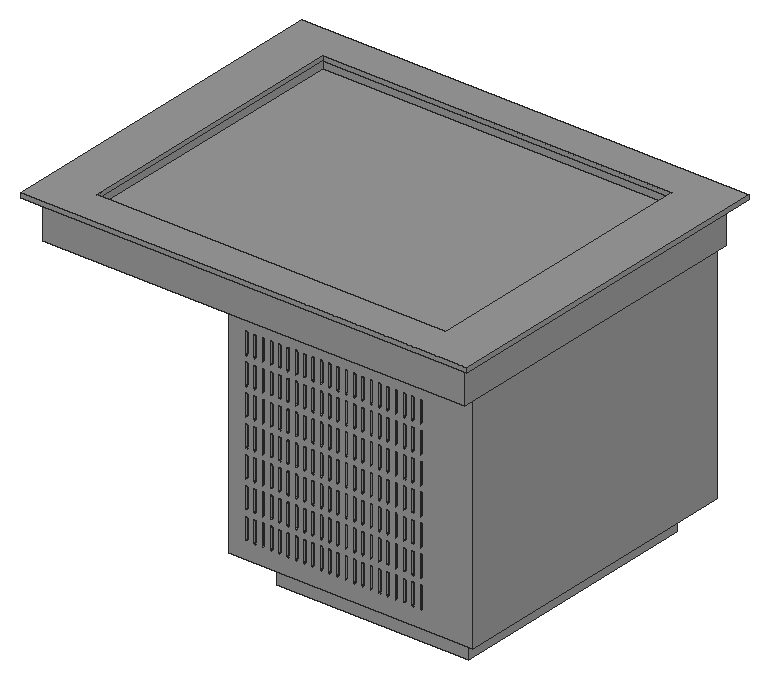
Revit family "Kühlplatte stille Kühlung GN1-1 - Eigen", category Sonderausstattung, Revit 2015
Parameters (values of type "2xGN1-1")
  Watt = 500 W
  Wand vorne Stärke = 40 mm  # constant formula
  Wand hinten Stärke = 40 mm  # constant formula
  Tiefe ohne Rahmen = Tiefe - 2 mm * 22.5  # 590 mm
  Tiefe = 635 mm  # constant formula
  Temp. Bereich = "-10°C bis 0°C"
  Spannung = 230 V
  Scheinleistung = 0 VA
  Rand Stärke = 8.5 mm  # constant formula
  Rand Breite vorne = 62.5 mm  # constant formula
  Rand Breite seitlich = 87.5 mm  # constant formula
  Rand Breite hinten = 62.5 mm  # constant formula
  Pole = 1
  Material = Edelstahl AISI 304
  Kältemittel = "R404a"
  Kälteleistung = "1050 W / -10°C VT"
  Kapazität = "2 x GN 1/1, Tiefe 20 mm"
  Installationshöhe [instance] = 750 mm
  Höhe Wanne = 80 mm  # constant formula
  Höhe Unterbau = 50 mm  # constant formula
  Höhe Technikgehäuse = 400 mm  # constant formula
  Höhe = Höhe Wanne + Höhe Technikgehäuse + Höhe Unterbau  # 530 mm
  DN Tauwasserabfluß = 25.4 mm
  Breite ohne Rahmen = Breite - 2 mm * 22  # 761 mm
  Breite Technikgehäuse = 441 mm  # constant formula
  Wand Seiten Stärke = 65.5 mm  # constant formula
  Breite = 805 mm
  Boden Stärke = 60 mm  # constant formula
  Artikelnr. = "KPMS021100"
Types (4, lengths in mm): name | Kälteleistung | Kapazität | Breite ohne Rahmen | Breite | Artikelnr.
  2xGN1-1 | "1050 W / -10°C VT" | "2 x GN 1/1, Tiefe 20 mm" | 761 | 805 | "KPMS021100"
  3xGN1-1 | "1050 W / -10°C VT" | "3 x GN 1/1, Tiefe 20 mm" | 1091 | 1135 | "KPMS031100"
  4xGN1-1 | "1050 W / -10°C VT" | "4 x GN 1/1, Tiefe 20 mm" | 1411 | 1455 | "KPMS041100"
  5xGN1-1 | "1330 W / -10°C VT" | "5 x GN 1/1, Tiefe 20 mm" | 1736 | 1780 | "KPMS051100"
Reference planes
  plane 1 "Mitte (Vorne/Hinten)": y = 0
  plane 2: z = 0
  plane 3 "Mitte (Links/Rechts)": x = 0
  plane 4: y = -635
  plane 5: x = -805
  plane 6: z = 750
  plane 7: z = 670
  plane 8 "UK": z = 270
  plane 9: x = -463
  plane 10: x = -783
  plane 11: x = -22
  plane 12: y = -22.5
  plane 13: y = -612.5
  plane 14: y = -62.5
  plane 15: y = -572.5
  plane 16: x = -717.5
  plane 17: x = -87.5
  plane 18: z = 730
  plane 19: z = 741.5
  plane 20 "Technikgehäuse vorne": y = -592.5
  plane 21: y = -42.5
  plane 22: y = -62.5
  plane 23: y = -572.5
  plane 24 "Elektroanschluss": z = 270
  plane 25: y = -426
  plane 26 "Tauwasserabfluß": z = 270
  plane 27: y = -296
  plane 28: x = -265
  plane 29: x = -62
  plane 30: x = -717.5
  plane 31: x = -87.5
  plane 32: x = -82
  plane 33: x = -407.5
  plane 34: x = -62.5
  plane 35: y = -82.5
  plane 36: y = -552.5
  plane 37: z = 220
Forms (mm)
  Extrusion 1, solid, material "Edelstahl AISI 304" <- "Material", detail levels fine
    sketch origin (0, 0, 150) x (-1, 0, 0) y (0, -1, 0)
      loop
        line (22, 42.5) -> (463, 42.5) -> (463, 592.5) -> (22, 592.5) -> (22, 42.5)
    from 520 to 120
  Extrusion 2, solid, material "Edelstahl AISI 304" <- "Material", detail levels medium+fine
    sketch origin (0, 0, 150) x (-1, 0, 0) y (0, -1, 0)
      loop
        line (783, 22.5) -> (783, 612.5) -> (22, 612.5) -> (22, 22.5) -> (783, 22.5)
      loop
        line (87.5, 572.5) -> (87.5, 62.5) -> (717.5, 62.5) -> (717.5, 572.5) -> (87.5, 572.5)
    from 591.5 to 580
  Extrusion 3, solid, material "Edelstahl AISI 304" <- "Material", detail levels medium+fine
    sketch origin (0, 0, 150) x (-1, 0, 0) y (0, -1, 0)
      loop
        line (783, 22.5) -> (783, 612.5) -> (22, 612.5) -> (22, 22.5) -> (783, 22.5)
    from 580 to 520
  Extrusion 4, solid, material "Edelstahl AISI 304" <- "Material", detail levels fine
    sketch origin (0, 0, 150) x (-1, 0, 0) y (0, -1, 0)
      loop
        line (805, 0) -> (805, 635) -> (0, 635) -> (0, 0) -> (805, 0)
      loop
        line (717.5, 62.5) -> (717.5, 572.5) -> (87.5, 572.5) -> (87.5, 62.5) -> (717.5, 62.5)
    from 600 to 591.5
  Extrusion 5, solid, not visible
    sketch origin (0, 0, 270) x (0, -1, 0) y (1, 0, 0)
      loop
        circle (296, -265) r 20
    from 0 to 2
  Extrusion 6, solid, not visible
    sketch origin (0, 0, 270) x (0, -1, 0) y (1, 0, 0)
      loop
        circle (426, -62) r 20
    from 0 to 2
  Extrusion 7, void
    sketch origin (0.5, -592.5, 190) x (1, 0, 0) y (0, 0, 1)
      loop
        arc (-432.879, 412.5) -> (-430.379, 410) -> (-427.879, 412.5) r 2.5
        line (-427.879, 412.5) -> (-427.879, 447.5)
        arc (-427.879, 447.5) -> (-430.379, 450) -> (-432.879, 447.5) r 2.5
        line (-432.879, 447.5) -> (-432.879, 412.5)
      loop
        arc (-417.879, 412.5) -> (-415.379, 410) -> (-412.879, 412.5) r 2.5
        line (-412.879, 412.5) -> (-412.879, 447.5)
        arc (-412.879, 447.5) -> (-415.379, 450) -> (-417.879, 447.5) r 2.5
        line (-417.879, 447.5) -> (-417.879, 412.5)
      loop
        arc (-402.879, 412.5) -> (-400.379, 410) -> (-397.879, 412.5) r 2.5
        line (-397.879, 412.5) -> (-397.879, 447.5)
        arc (-397.879, 447.5) -> (-400.379, 450) -> (-402.879, 447.5) r 2.5
        line (-402.879, 447.5) -> (-402.879, 412.5)
      loop
        arc (-387.879, 412.5) -> (-385.379, 410) -> (-382.879, 412.5) r 2.5
        line (-382.879, 412.5) -> (-382.879, 447.5)
        arc (-382.879, 447.5) -> (-385.379, 450) -> (-387.879, 447.5) r 2.5
        line (-387.879, 447.5) -> (-387.879, 412.5)
      loop
        arc (-373, 412.5) -> (-370.5, 410) -> (-368, 412.5) r 2.5
        line (-368, 412.5) -> (-368, 447.5)
        arc (-368, 447.5) -> (-370.5, 450) -> (-373, 447.5) r 2.5
        line (-373, 447.5) -> (-373, 412.5)
      loop
        arc (-358, 412.5) -> (-355.5, 410) -> (-353, 412.5) r 2.5
        line (-353, 412.5) -> (-353, 447.5)
        arc (-353, 447.5) -> (-355.5, 450) -> (-358, 447.5) r 2.5
        line (-358, 447.5) -> (-358, 412.5)
      loop
        arc (-343, 412.5) -> (-340.5, 410) -> (-338, 412.5) r 2.5
        line (-338, 412.5) -> (-338, 447.5)
        arc (-338, 447.5) -> (-340.5, 450) -> (-343, 447.5) r 2.5
        line (-343, 447.5) -> (-343, 412.5)
      loop
        arc (-328, 412.5) -> (-325.5, 410) -> (-323, 412.5) r 2.5
        line (-323, 412.5) -> (-323, 447.5)
        arc (-323, 447.5) -> (-325.5, 450) -> (-328, 447.5) r 2.5
        line (-328, 447.5) -> (-328, 412.5)
      loop
        arc (-313, 412.5) -> (-310.5, 410) -> (-308, 412.5) r 2.5
        line (-308, 412.5) -> (-308, 447.5)
        arc (-308, 447.5) -> (-310.5, 450) -> (-313, 447.5) r 2.5
        line (-313, 447.5) -> (-313, 412.5)
      loop
        arc (-298, 412.5) -> (-295.5, 410) -> (-293, 412.5) r 2.5
        line (-293, 412.5) -> (-293, 447.5)
        arc (-293, 447.5) -> (-295.5, 450) -> (-298, 447.5) r 2.5
        line (-298, 447.5) -> (-298, 412.5)
      loop
        arc (-283, 412.5) -> (-280.5, 410) -> (-278, 412.5) r 2.5
        line (-278, 412.5) -> (-278, 447.5)
        arc (-278, 447.5) -> (-280.5, 450) -> (-283, 447.5) r 2.5
        line (-283, 447.5) -> (-283, 412.5)
      loop
        arc (-268, 412.5) -> (-265.5, 410) -> (-263, 412.5) r 2.5
        line (-263, 412.5) -> (-263, 447.5)
        arc (-263, 447.5) -> (-265.5, 450) -> (-268, 447.5) r 2.5
        line (-268, 447.5) -> (-268, 412.5)
      loop
        arc (-253, 412.5) -> (-250.5, 410) -> (-248, 412.5) r 2.5
        line (-248, 412.5) -> (-248, 447.5)
        arc (-248, 447.5) -> (-250.5, 450) -> (-253, 447.5) r 2.5
        line (-253, 447.5) -> (-253, 412.5)
      loop
        arc (-238, 412.5) -> (-235.5, 410) -> (-233, 412.5) r 2.5
        line (-233, 412.5) -> (-233, 447.5)
        arc (-233, 447.5) -> (-235.5, 450) -> (-238, 447.5) r 2.5
        line (-238, 447.5) -> (-238, 412.5)
      loop
        arc (-223, 412.5) -> (-220.5, 410) -> (-218, 412.5) r 2.5
        line (-218, 412.5) -> (-218, 447.5)
        arc (-218, 447.5) -> (-220.5, 450) -> (-223, 447.5) r 2.5
        line (-223, 447.5) -> (-223, 412.5)
      loop
        arc (-208, 412.5) -> (-205.5, 410) -> (-203, 412.5) r 2.5
        line (-203, 412.5) -> (-203, 447.5)
        arc (-203, 447.5) -> (-205.5, 450) -> (-208, 447.5) r 2.5
        line (-208, 447.5) -> (-208, 412.5)
      loop
        arc (-193, 412.5) -> (-190.5, 410) -> (-188, 412.5) r 2.5
        line (-188, 412.5) -> (-188, 447.5)
        arc (-188, 447.5) -> (-190.5, 450) -> (-193, 447.5) r 2.5
        line (-193, 447.5) -> (-193, 412.5)
      loop
        arc (-178, 412.5) -> (-175.5, 410) -> (-173, 412.5) r 2.5
        line (-173, 412.5) -> (-173, 447.5)
        arc (-173, 447.5) -> (-175.5, 450) -> (-178, 447.5) r 2.5
        line (-178, 447.5) -> (-178, 412.5)
      loop
        arc (-163, 412.5) -> (-160.5, 410) -> (-158, 412.5) r 2.5
        line (-158, 412.5) -> (-158, 447.5)
        arc (-158, 447.5) -> (-160.5, 450) -> (-163, 447.5) r 2.5
        line (-163, 447.5) -> (-163, 412.5)
      loop
        arc (-148, 412.5) -> (-145.5, 410) -> (-143, 412.5) r 2.5
        line (-143, 412.5) -> (-143, 447.5)
        arc (-143, 447.5) -> (-145.5, 450) -> (-148, 447.5) r 2.5
        line (-148, 447.5) -> (-148, 412.5)
      loop
        arc (-133, 412.5) -> (-130.5, 410) -> (-128, 412.5) r 2.5
        line (-128, 412.5) -> (-128, 447.5)
        arc (-128, 447.5) -> (-130.5, 450) -> (-133, 447.5) r 2.5
        line (-133, 447.5) -> (-133, 412.5)
      loop
        arc (-118, 412.5) -> (-115.5, 410) -> (-113, 412.5) r 2.5
        line (-113, 412.5) -> (-113, 447.5)
        arc (-113, 447.5) -> (-115.5, 450) -> (-118, 447.5) r 2.5
        line (-118, 447.5) -> (-118, 412.5)
      loop
        arc (-432.879, 362.5) -> (-430.379, 360) -> (-427.879, 362.5) r 2.5
        line (-427.879, 362.5) -> (-427.879, 397.5)
        arc (-427.879, 397.5) -> (-430.379, 400) -> (-432.879, 397.5) r 2.5
        line (-432.879, 397.5) -> (-432.879, 362.5)
      loop
        arc (-417.879, 362.5) -> (-415.379, 360) -> (-412.879, 362.5) r 2.5
        line (-412.879, 362.5) -> (-412.879, 397.5)
        arc (-412.879, 397.5) -> (-415.379, 400) -> (-417.879, 397.5) r 2.5
        line (-417.879, 397.5) -> (-417.879, 362.5)
      loop
        arc (-402.879, 362.5) -> (-400.379, 360) -> (-397.879, 362.5) r 2.5
        line (-397.879, 362.5) -> (-397.879, 397.5)
        arc (-397.879, 397.5) -> (-400.379, 400) -> (-402.879, 397.5) r 2.5
        line (-402.879, 397.5) -> (-402.879, 362.5)
      loop
        arc (-387.879, 362.5) -> (-385.379, 360) -> (-382.879, 362.5) r 2.5
        line (-382.879, 362.5) -> (-382.879, 397.5)
        arc (-382.879, 397.5) -> (-385.379, 400) -> (-387.879, 397.5) r 2.5
        line (-387.879, 397.5) -> (-387.879, 362.5)
      loop
        arc (-373, 362.5) -> (-370.5, 360) -> (-368, 362.5) r 2.5
        line (-368, 362.5) -> (-368, 397.5)
        arc (-368, 397.5) -> (-370.5, 400) -> (-373, 397.5) r 2.5
        line (-373, 397.5) -> (-373, 362.5)
      loop
        arc (-358, 362.5) -> (-355.5, 360) -> (-353, 362.5) r 2.5
        line (-353, 362.5) -> (-353, 397.5)
        arc (-353, 397.5) -> (-355.5, 400) -> (-358, 397.5) r 2.5
        line (-358, 397.5) -> (-358, 362.5)
      loop
        arc (-343, 362.5) -> (-340.5, 360) -> (-338, 362.5) r 2.5
        line (-338, 362.5) -> (-338, 397.5)
        arc (-338, 397.5) -> (-340.5, 400) -> (-343, 397.5) r 2.5
        line (-343, 397.5) -> (-343, 362.5)
      loop
        arc (-328, 362.5) -> (-325.5, 360) -> (-323, 362.5) r 2.5
        line (-323, 362.5) -> (-323, 397.5)
        arc (-323, 397.5) -> (-325.5, 400) -> (-328, 397.5) r 2.5
        line (-328, 397.5) -> (-328, 362.5)
      loop
        arc (-313, 362.5) -> (-310.5, 360) -> (-308, 362.5) r 2.5
        line (-308, 362.5) -> (-308, 397.5)
        arc (-308, 397.5) -> (-310.5, 400) -> (-313, 397.5) r 2.5
        line (-313, 397.5) -> (-313, 362.5)
      loop
        arc (-298, 362.5) -> (-295.5, 360) -> (-293, 362.5) r 2.5
        line (-293, 362.5) -> (-293, 397.5)
        arc (-293, 397.5) -> (-295.5, 400) -> (-298, 397.5) r 2.5
        line (-298, 397.5) -> (-298, 362.5)
      loop
        arc (-283, 362.5) -> (-280.5, 360) -> (-278, 362.5) r 2.5
        line (-278, 362.5) -> (-278, 397.5)
        arc (-278, 397.5) -> (-280.5, 400) -> (-283, 397.5) r 2.5
        line (-283, 397.5) -> (-283, 362.5)
      loop
        arc (-268, 362.5) -> (-265.5, 360) -> (-263, 362.5) r 2.5
        line (-263, 362.5) -> (-263, 397.5)
        arc (-263, 397.5) -> (-265.5, 400) -> (-268, 397.5) r 2.5
        line (-268, 397.5) -> (-268, 362.5)
      loop
        arc (-253, 362.5) -> (-250.5, 360) -> (-248, 362.5) r 2.5
        line (-248, 362.5) -> (-248, 397.5)
        arc (-248, 397.5) -> (-250.5, 400) -> (-253, 397.5) r 2.5
        line (-253, 397.5) -> (-253, 362.5)
      loop
        arc (-238, 362.5) -> (-235.5, 360) -> (-233, 362.5) r 2.5
        line (-233, 362.5) -> (-233, 397.5)
        arc (-233, 397.5) -> (-235.5, 400) -> (-238, 397.5) r 2.5
        line (-238, 397.5) -> (-238, 362.5)
      loop
        arc (-223, 362.5) -> (-220.5, 360) -> (-218, 362.5) r 2.5
        line (-218, 362.5) -> (-218, 397.5)
        arc (-218, 397.5) -> (-220.5, 400) -> (-223, 397.5) r 2.5
        line (-223, 397.5) -> (-223, 362.5)
      loop
        arc (-208, 362.5) -> (-205.5, 360) -> (-203, 362.5) r 2.5
        line (-203, 362.5) -> (-203, 397.5)
        arc (-203, 397.5) -> (-205.5, 400) -> (-208, 397.5) r 2.5
        line (-208, 397.5) -> (-208, 362.5)
      loop
        arc (-193, 362.5) -> (-190.5, 360) -> (-188, 362.5) r 2.5
        line (-188, 362.5) -> (-188, 397.5)
        arc (-188, 397.5) -> (-190.5, 400) -> (-193, 397.5) r 2.5
        line (-193, 397.5) -> (-193, 362.5)
      loop
        arc (-178, 362.5) -> (-175.5, 360) -> (-173, 362.5) r 2.5
        line (-173, 362.5) -> (-173, 397.5)
        arc (-173, 397.5) -> (-175.5, 400) -> (-178, 397.5) r 2.5
        line (-178, 397.5) -> (-178, 362.5)
      loop
        arc (-163, 362.5) -> (-160.5, 360) -> (-158, 362.5) r 2.5
        line (-158, 362.5) -> (-158, 397.5)
        arc (-158, 397.5) -> (-160.5, 400) -> (-163, 397.5) r 2.5
        line (-163, 397.5) -> (-163, 362.5)
      loop
        arc (-148, 362.5) -> (-145.5, 360) -> (-143, 362.5) r 2.5
        line (-143, 362.5) -> (-143, 397.5)
        arc (-143, 397.5) -> (-145.5, 400) -> (-148, 397.5) r 2.5
        line (-148, 397.5) -> (-148, 362.5)
      loop
        arc (-133, 362.5) -> (-130.5, 360) -> (-128, 362.5) r 2.5
        line (-128, 362.5) -> (-128, 397.5)
        arc (-128, 397.5) -> (-130.5, 400) -> (-133, 397.5) r 2.5
        line (-133, 397.5) -> (-133, 362.5)
      loop
        arc (-118, 362.5) -> (-115.5, 360) -> (-113, 362.5) r 2.5
        line (-113, 362.5) -> (-113, 397.5)
        arc (-113, 397.5) -> (-115.5, 400) -> (-118, 397.5) r 2.5
        line (-118, 397.5) -> (-118, 362.5)
      loop
        arc (-432.879, 312.5) -> (-430.379, 310) -> (-427.879, 312.5) r 2.5
        line (-427.879, 312.5) -> (-427.879, 347.5)
        arc (-427.879, 347.5) -> (-430.379, 350) -> (-432.879, 347.5) r 2.5
        line (-432.879, 347.5) -> (-432.879, 312.5)
      loop
        arc (-417.879, 312.5) -> (-415.379, 310) -> (-412.879, 312.5) r 2.5
        line (-412.879, 312.5) -> (-412.879, 347.5)
        arc (-412.879, 347.5) -> (-415.379, 350) -> (-417.879, 347.5) r 2.5
        line (-417.879, 347.5) -> (-417.879, 312.5)
      loop
        arc (-402.879, 312.5) -> (-400.379, 310) -> (-397.879, 312.5) r 2.5
        line (-397.879, 312.5) -> (-397.879, 347.5)
        arc (-397.879, 347.5) -> (-400.379, 350) -> (-402.879, 347.5) r 2.5
        line (-402.879, 347.5) -> (-402.879, 312.5)
      loop
        arc (-387.879, 312.5) -> (-385.379, 310) -> (-382.879, 312.5) r 2.5
        line (-382.879, 312.5) -> (-382.879, 347.5)
        arc (-382.879, 347.5) -> (-385.379, 350) -> (-387.879, 347.5) r 2.5
        line (-387.879, 347.5) -> (-387.879, 312.5)
      loop
        arc (-373, 312.5) -> (-370.5, 310) -> (-368, 312.5) r 2.5
        line (-368, 312.5) -> (-368, 347.5)
        arc (-368, 347.5) -> (-370.5, 350) -> (-373, 347.5) r 2.5
        line (-373, 347.5) -> (-373, 312.5)
      loop
        arc (-358, 312.5) -> (-355.5, 310) -> (-353, 312.5) r 2.5
        line (-353, 312.5) -> (-353, 347.5)
        arc (-353, 347.5) -> (-355.5, 350) -> (-358, 347.5) r 2.5
        line (-358, 347.5) -> (-358, 312.5)
      loop
        arc (-343, 312.5) -> (-340.5, 310) -> (-338, 312.5) r 2.5
        line (-338, 312.5) -> (-338, 347.5)
        arc (-338, 347.5) -> (-340.5, 350) -> (-343, 347.5) r 2.5
        line (-343, 347.5) -> (-343, 312.5)
      loop
        arc (-328, 312.5) -> (-325.5, 310) -> (-323, 312.5) r 2.5
        line (-323, 312.5) -> (-323, 347.5)
        arc (-323, 347.5) -> (-325.5, 350) -> (-328, 347.5) r 2.5
        line (-328, 347.5) -> (-328, 312.5)
      loop
        arc (-313, 312.5) -> (-310.5, 310) -> (-308, 312.5) r 2.5
        line (-308, 312.5) -> (-308, 347.5)
        arc (-308, 347.5) -> (-310.5, 350) -> (-313, 347.5) r 2.5
        line (-313, 347.5) -> (-313, 312.5)
      loop
        arc (-298, 312.5) -> (-295.5, 310) -> (-293, 312.5) r 2.5
        line (-293, 312.5) -> (-293, 347.5)
        arc (-293, 347.5) -> (-295.5, 350) -> (-298, 347.5) r 2.5
        line (-298, 347.5) -> (-298, 312.5)
      loop
        arc (-283, 312.5) -> (-280.5, 310) -> (-278, 312.5) r 2.5
        line (-278, 312.5) -> (-278, 347.5)
        arc (-278, 347.5) -> (-280.5, 350) -> (-283, 347.5) r 2.5
        line (-283, 347.5) -> (-283, 312.5)
      loop
        arc (-268, 312.5) -> (-265.5, 310) -> (-263, 312.5) r 2.5
        line (-263, 312.5) -> (-263, 347.5)
        arc (-263, 347.5) -> (-265.5, 350) -> (-268, 347.5) r 2.5
        line (-268, 347.5) -> (-268, 312.5)
      loop
        arc (-253, 312.5) -> (-250.5, 310) -> (-248, 312.5) r 2.5
        line (-248, 312.5) -> (-248, 347.5)
        arc (-248, 347.5) -> (-250.5, 350) -> (-253, 347.5) r 2.5
        line (-253, 347.5) -> (-253, 312.5)
      loop
        arc (-238, 312.5) -> (-235.5, 310) -> (-233, 312.5) r 2.5
        line (-233, 312.5) -> (-233, 347.5)
        arc (-233, 347.5) -> (-235.5, 350) -> (-238, 347.5) r 2.5
        line (-238, 347.5) -> (-238, 312.5)
      loop
        arc (-223, 312.5) -> (-220.5, 310) -> (-218, 312.5) r 2.5
        line (-218, 312.5) -> (-218, 347.5)
        arc (-218, 347.5) -> (-220.5, 350) -> (-223, 347.5) r 2.5
        line (-223, 347.5) -> (-223, 312.5)
      loop
        arc (-208, 312.5) -> (-205.5, 310) -> (-203, 312.5) r 2.5
        line (-203, 312.5) -> (-203, 347.5)
        arc (-203, 347.5) -> (-205.5, 350) -> (-208, 347.5) r 2.5
        line (-208, 347.5) -> (-208, 312.5)
      loop
        arc (-193, 312.5) -> (-190.5, 310) -> (-188, 312.5) r 2.5
        line (-188, 312.5) -> (-188, 347.5)
        arc (-188, 347.5) -> (-190.5, 350) -> (-193, 347.5) r 2.5
        line (-193, 347.5) -> (-193, 312.5)
      loop
        arc (-178, 312.5) -> (-175.5, 310) -> (-173, 312.5) r 2.5
        line (-173, 312.5) -> (-173, 347.5)
        arc (-173, 347.5) -> (-175.5, 350) -> (-178, 347.5) r 2.5
        line (-178, 347.5) -> (-178, 312.5)
      loop
        arc (-163, 312.5) -> (-160.5, 310) -> (-158, 312.5) r 2.5
        line (-158, 312.5) -> (-158, 347.5)
        arc (-158, 347.5) -> (-160.5, 350) -> (-163, 347.5) r 2.5
        line (-163, 347.5) -> (-163, 312.5)
      loop
        arc (-148, 312.5) -> (-145.5, 310) -> (-143, 312.5) r 2.5
        line (-143, 312.5) -> (-143, 347.5)
        arc (-143, 347.5) -> (-145.5, 350) -> (-148, 347.5) r 2.5
        line (-148, 347.5) -> (-148, 312.5)
      loop
        arc (-133, 312.5) -> (-130.5, 310) -> (-128, 312.5) r 2.5
        line (-128, 312.5) -> (-128, 347.5)
        arc (-128, 347.5) -> (-130.5, 350) -> (-133, 347.5) r 2.5
        line (-133, 347.5) -> (-133, 312.5)
      loop
        arc (-118, 312.5) -> (-115.5, 310) -> (-113, 312.5) r 2.5
        line (-113, 312.5) -> (-113, 347.5)
        arc (-113, 347.5) -> (-115.5, 350) -> (-118, 347.5) r 2.5
        line (-118, 347.5) -> (-118, 312.5)
      loop
        arc (-432.879, 262.5) -> (-430.379, 260) -> (-427.879, 262.5) r 2.5
        line (-427.879, 262.5) -> (-427.879, 297.5)
        arc (-427.879, 297.5) -> (-430.379, 300) -> (-432.879, 297.5) r 2.5
        line (-432.879, 297.5) -> (-432.879, 262.5)
      loop
        arc (-417.879, 262.5) -> (-415.379, 260) -> (-412.879, 262.5) r 2.5
        line (-412.879, 262.5) -> (-412.879, 297.5)
        arc (-412.879, 297.5) -> (-415.379, 300) -> (-417.879, 297.5) r 2.5
        line (-417.879, 297.5) -> (-417.879, 262.5)
      loop
        arc (-402.879, 262.5) -> (-400.379, 260) -> (-397.879, 262.5) r 2.5
        line (-397.879, 262.5) -> (-397.879, 297.5)
        arc (-397.879, 297.5) -> (-400.379, 300) -> (-402.879, 297.5) r 2.5
        line (-402.879, 297.5) -> (-402.879, 262.5)
      loop
        arc (-387.879, 262.5) -> (-385.379, 260) -> (-382.879, 262.5) r 2.5
        line (-382.879, 262.5) -> (-382.879, 297.5)
        arc (-382.879, 297.5) -> (-385.379, 300) -> (-387.879, 297.5) r 2.5
        line (-387.879, 297.5) -> (-387.879, 262.5)
      loop
        arc (-373, 262.5) -> (-370.5, 260) -> (-368, 262.5) r 2.5
        line (-368, 262.5) -> (-368, 297.5)
        arc (-368, 297.5) -> (-370.5, 300) -> (-373, 297.5) r 2.5
        line (-373, 297.5) -> (-373, 262.5)
      loop
        arc (-358, 262.5) -> (-355.5, 260) -> (-353, 262.5) r 2.5
        line (-353, 262.5) -> (-353, 297.5)
        arc (-353, 297.5) -> (-355.5, 300) -> (-358, 297.5) r 2.5
        line (-358, 297.5) -> (-358, 262.5)
      loop
        arc (-343, 262.5) -> (-340.5, 260) -> (-338, 262.5) r 2.5
        line (-338, 262.5) -> (-338, 297.5)
        arc (-338, 297.5) -> (-340.5, 300) -> (-343, 297.5) r 2.5
        line (-343, 297.5) -> (-343, 262.5)
      loop
        arc (-328, 262.5) -> (-325.5, 260) -> (-323, 262.5) r 2.5
        line (-323, 262.5) -> (-323, 297.5)
        arc (-323, 297.5) -> (-325.5, 300) -> (-328, 297.5) r 2.5
        line (-328, 297.5) -> (-328, 262.5)
      loop
        arc (-313, 262.5) -> (-310.5, 260) -> (-308, 262.5) r 2.5
        line (-308, 262.5) -> (-308, 297.5)
        arc (-308, 297.5) -> (-310.5, 300) -> (-313, 297.5) r 2.5
        line (-313, 297.5) -> (-313, 262.5)
      loop
        arc (-298, 262.5) -> (-295.5, 260) -> (-293, 262.5) r 2.5
        line (-293, 262.5) -> (-293, 297.5)
        arc (-293, 297.5) -> (-295.5, 300) -> (-298, 297.5) r 2.5
        line (-298, 297.5) -> (-298, 262.5)
      loop
        arc (-283, 262.5) -> (-280.5, 260) -> (-278, 262.5) r 2.5
        line (-278, 262.5) -> (-278, 297.5)
        arc (-278, 297.5) -> (-280.5, 300) -> (-283, 297.5) r 2.5
        line (-283, 297.5) -> (-283, 262.5)
      loop
        arc (-268, 262.5) -> (-265.5, 260) -> (-263, 262.5) r 2.5
        line (-263, 262.5) -> (-263, 297.5)
        arc (-263, 297.5) -> (-265.5, 300) -> (-268, 297.5) r 2.5
        line (-268, 297.5) -> (-268, 262.5)
      loop
        arc (-253, 262.5) -> (-250.5, 260) -> (-248, 262.5) r 2.5
        line (-248, 262.5) -> (-248, 297.5)
        arc (-248, 297.5) -> (-250.5, 300) -> (-253, 297.5) r 2.5
        line (-253, 297.5) -> (-253, 262.5)
      loop
        arc (-238, 262.5) -> (-235.5, 260) -> (-233, 262.5) r 2.5
        line (-233, 262.5) -> (-233, 297.5)
        arc (-233, 297.5) -> (-235.5, 300) -> (-238, 297.5) r 2.5
        line (-238, 297.5) -> (-238, 262.5)
      loop
        arc (-223, 262.5) -> (-220.5, 260) -> (-218, 262.5) r 2.5
        line (-218, 262.5) -> (-218, 297.5)
        arc (-218, 297.5) -> (-220.5, 300) -> (-223, 297.5) r 2.5
        line (-223, 297.5) -> (-223, 262.5)
      loop
        arc (-208, 262.5) -> (-205.5, 260) -> (-203, 262.5) r 2.5
        line (-203, 262.5) -> (-203, 297.5)
        arc (-203, 297.5) -> (-205.5, 300) -> (-208, 297.5) r 2.5
        line (-208, 297.5) -> (-208, 262.5)
      loop
        arc (-193, 262.5) -> (-190.5, 260) -> (-188, 262.5) r 2.5
        line (-188, 262.5) -> (-188, 297.5)
        arc (-188, 297.5) -> (-190.5, 300) -> (-193, 297.5) r 2.5
        line (-193, 297.5) -> (-193, 262.5)
      loop
        arc (-178, 262.5) -> (-175.5, 260) -> (-173, 262.5) r 2.5
        line (-173, 262.5) -> (-173, 297.5)
        arc (-173, 297.5) -> (-175.5, 300) -> (-178, 297.5) r 2.5
        line (-178, 297.5) -> (-178, 262.5)
      loop
        arc (-163, 262.5) -> (-160.5, 260) -> (-158, 262.5) r 2.5
        line (-158, 262.5) -> (-158, 297.5)
        arc (-158, 297.5) -> (-160.5, 300) -> (-163, 297.5) r 2.5
        line (-163, 297.5) -> (-163, 262.5)
      loop
        arc (-148, 262.5) -> (-145.5, 260) -> (-143, 262.5) r 2.5
        line (-143, 262.5) -> (-143, 297.5)
        arc (-143, 297.5) -> (-145.5, 300) -> (-148, 297.5) r 2.5
        line (-148, 297.5) -> (-148, 262.5)
      loop
        arc (-133, 262.5) -> (-130.5, 260) -> (-128, 262.5) r 2.5
        line (-128, 262.5) -> (-128, 297.5)
        arc (-128, 297.5) -> (-130.5, 300) -> (-133, 297.5) r 2.5
        line (-133, 297.5) -> (-133, 262.5)
      loop
        arc (-118, 262.5) -> (-115.5, 260) -> (-113, 262.5) r 2.5
        line (-113, 262.5) -> (-113, 297.5)
        arc (-113, 297.5) -> (-115.5, 300) -> (-118, 297.5) r 2.5
        line (-118, 297.5) -> (-118, 262.5)
      loop
        arc (-432.879, 212.5) -> (-430.379, 210) -> (-427.879, 212.5) r 2.5
        line (-427.879, 212.5) -> (-427.879, 247.5)
        arc (-427.879, 247.5) -> (-430.379, 250) -> (-432.879, 247.5) r 2.5
        line (-432.879, 247.5) -> (-432.879, 212.5)
      loop
        arc (-417.879, 212.5) -> (-415.379, 210) -> (-412.879, 212.5) r 2.5
        line (-412.879, 212.5) -> (-412.879, 247.5)
        arc (-412.879, 247.5) -> (-415.379, 250) -> (-417.879, 247.5) r 2.5
        line (-417.879, 247.5) -> (-417.879, 212.5)
      loop
        arc (-402.879, 212.5) -> (-400.379, 210) -> (-397.879, 212.5) r 2.5
        line (-397.879, 212.5) -> (-397.879, 247.5)
        arc (-397.879, 247.5) -> (-400.379, 250) -> (-402.879, 247.5) r 2.5
        line (-402.879, 247.5) -> (-402.879, 212.5)
      loop
        arc (-387.879, 212.5) -> (-385.379, 210) -> (-382.879, 212.5) r 2.5
        line (-382.879, 212.5) -> (-382.879, 247.5)
        arc (-382.879, 247.5) -> (-385.379, 250) -> (-387.879, 247.5) r 2.5
        line (-387.879, 247.5) -> (-387.879, 212.5)
      loop
        arc (-373, 212.5) -> (-370.5, 210) -> (-368, 212.5) r 2.5
        line (-368, 212.5) -> (-368, 247.5)
        arc (-368, 247.5) -> (-370.5, 250) -> (-373, 247.5) r 2.5
        line (-373, 247.5) -> (-373, 212.5)
      loop
        arc (-358, 212.5) -> (-355.5, 210) -> (-353, 212.5) r 2.5
        line (-353, 212.5) -> (-353, 247.5)
        arc (-353, 247.5) -> (-355.5, 250) -> (-358, 247.5) r 2.5
        line (-358, 247.5) -> (-358, 212.5)
      loop
        arc (-343, 212.5) -> (-340.5, 210) -> (-338, 212.5) r 2.5
        line (-338, 212.5) -> (-338, 247.5)
        arc (-338, 247.5) -> (-340.5, 250) -> (-343, 247.5) r 2.5
        line (-343, 247.5) -> (-343, 212.5)
      loop
        arc (-328, 212.5) -> (-325.5, 210) -> (-323, 212.5) r 2.5
        line (-323, 212.5) -> (-323, 247.5)
        arc (-323, 247.5) -> (-325.5, 250) -> (-328, 247.5) r 2.5
        line (-328, 247.5) -> (-328, 212.5)
      loop
        arc (-313, 212.5) -> (-310.5, 210) -> (-308, 212.5) r 2.5
        line (-308, 212.5) -> (-308, 247.5)
        arc (-308, 247.5) -> (-310.5, 250) -> (-313, 247.5) r 2.5
        line (-313, 247.5) -> (-313, 212.5)
      loop
        arc (-298, 212.5) -> (-295.5, 210) -> (-293, 212.5) r 2.5
        line (-293, 212.5) -> (-293, 247.5)
        arc (-293, 247.5) -> (-295.5, 250) -> (-298, 247.5) r 2.5
        line (-298, 247.5) -> (-298, 212.5)
      loop
        arc (-283, 212.5) -> (-280.5, 210) -> (-278, 212.5) r 2.5
        line (-278, 212.5) -> (-278, 247.5)
        arc (-278, 247.5) -> (-280.5, 250) -> (-283, 247.5) r 2.5
        line (-283, 247.5) -> (-283, 212.5)
      loop
        arc (-268, 212.5) -> (-265.5, 210) -> (-263, 212.5) r 2.5
        line (-263, 212.5) -> (-263, 247.5)
        arc (-263, 247.5) -> (-265.5, 250) -> (-268, 247.5) r 2.5
        line (-268, 247.5) -> (-268, 212.5)
      loop
        arc (-253, 212.5) -> (-250.5, 210) -> (-248, 212.5) r 2.5
        line (-248, 212.5) -> (-248, 247.5)
        arc (-248, 247.5) -> (-250.5, 250) -> (-253, 247.5) r 2.5
        line (-253, 247.5) -> (-253, 212.5)
      loop
        arc (-238, 212.5) -> (-235.5, 210) -> (-233, 212.5) r 2.5
        line (-233, 212.5) -> (-233, 247.5)
        arc (-233, 247.5) -> (-235.5, 250) -> (-238, 247.5) r 2.5
        line (-238, 247.5) -> (-238, 212.5)
      loop
        arc (-223, 212.5) -> (-220.5, 210) -> (-218, 212.5) r 2.5
        line (-218, 212.5) -> (-218, 247.5)
        arc (-218, 247.5) -> (-220.5, 250) -> (-223, 247.5) r 2.5
        line (-223, 247.5) -> (-223, 212.5)
      loop
        arc (-208, 212.5) -> (-205.5, 210) -> (-203, 212.5) r 2.5
        line (-203, 212.5) -> (-203, 247.5)
        arc (-203, 247.5) -> (-205.5, 250) -> (-208, 247.5) r 2.5
        line (-208, 247.5) -> (-208, 212.5)
      loop
        arc (-193, 212.5) -> (-190.5, 210) -> (-188, 212.5) r 2.5
        line (-188, 212.5) -> (-188, 247.5)
        arc (-188, 247.5) -> (-190.5, 250) -> (-193, 247.5) r 2.5
        line (-193, 247.5) -> (-193, 212.5)
      loop
        arc (-178, 212.5) -> (-175.5, 210) -> (-173, 212.5) r 2.5
        line (-173, 212.5) -> (-173, 247.5)
        arc (-173, 247.5) -> (-175.5, 250) -> (-178, 247.5) r 2.5
        line (-178, 247.5) -> (-178, 212.5)
      loop
        arc (-163, 212.5) -> (-160.5, 210) -> (-158, 212.5) r 2.5
        line (-158, 212.5) -> (-158, 247.5)
        arc (-158, 247.5) -> (-160.5, 250) -> (-163, 247.5) r 2.5
        line (-163, 247.5) -> (-163, 212.5)
      loop
        arc (-148, 212.5) -> (-145.5, 210) -> (-143, 212.5) r 2.5
        line (-143, 212.5) -> (-143, 247.5)
        arc (-143, 247.5) -> (-145.5, 250) -> (-148, 247.5) r 2.5
        line (-148, 247.5) -> (-148, 212.5)
      loop
        arc (-133, 212.5) -> (-130.5, 210) -> (-128, 212.5) r 2.5
        line (-128, 212.5) -> (-128, 247.5)
        arc (-128, 247.5) -> (-130.5, 250) -> (-133, 247.5) r 2.5
        line (-133, 247.5) -> (-133, 212.5)
      loop
        arc (-118, 212.5) -> (-115.5, 210) -> (-113, 212.5) r 2.5
        line (-113, 212.5) -> (-113, 247.5)
        arc (-113, 247.5) -> (-115.5, 250) -> (-118, 247.5) r 2.5
        line (-118, 247.5) -> (-118, 212.5)
      loop
        arc (-432.879, 162.5) -> (-430.379, 160) -> (-427.879, 162.5) r 2.5
        line (-427.879, 162.5) -> (-427.879, 197.5)
        arc (-427.879, 197.5) -> (-430.379, 200) -> (-432.879, 197.5) r 2.5
        line (-432.879, 197.5) -> (-432.879, 162.5)
      loop
        arc (-417.879, 162.5) -> (-415.379, 160) -> (-412.879, 162.5) r 2.5
        line (-412.879, 162.5) -> (-412.879, 197.5)
        arc (-412.879, 197.5) -> (-415.379, 200) -> (-417.879, 197.5) r 2.5
        line (-417.879, 197.5) -> (-417.879, 162.5)
      loop
        arc (-402.879, 162.5) -> (-400.379, 160) -> (-397.879, 162.5) r 2.5
        line (-397.879, 162.5) -> (-397.879, 197.5)
        arc (-397.879, 197.5) -> (-400.379, 200) -> (-402.879, 197.5) r 2.5
        line (-402.879, 197.5) -> (-402.879, 162.5)
      loop
        arc (-387.879, 162.5) -> (-385.379, 160) -> (-382.879, 162.5) r 2.5
        line (-382.879, 162.5) -> (-382.879, 197.5)
        arc (-382.879, 197.5) -> (-385.379, 200) -> (-387.879, 197.5) r 2.5
        line (-387.879, 197.5) -> (-387.879, 162.5)
      loop
        arc (-373, 162.5) -> (-370.5, 160) -> (-368, 162.5) r 2.5
        line (-368, 162.5) -> (-368, 197.5)
        arc (-368, 197.5) -> (-370.5, 200) -> (-373, 197.5) r 2.5
        line (-373, 197.5) -> (-373, 162.5)
      loop
        arc (-358, 162.5) -> (-355.5, 160) -> (-353, 162.5) r 2.5
        line (-353, 162.5) -> (-353, 197.5)
        arc (-353, 197.5) -> (-355.5, 200) -> (-358, 197.5) r 2.5
        line (-358, 197.5) -> (-358, 162.5)
      loop
        arc (-343, 162.5) -> (-340.5, 160) -> (-338, 162.5) r 2.5
        line (-338, 162.5) -> (-338, 197.5)
        arc (-338, 197.5) -> (-340.5, 200) -> (-343, 197.5) r 2.5
        line (-343, 197.5) -> (-343, 162.5)
      loop
        arc (-328, 162.5) -> (-325.5, 160) -> (-323, 162.5) r 2.5
        line (-323, 162.5) -> (-323, 197.5)
        arc (-323, 197.5) -> (-325.5, 200) -> (-328, 197.5) r 2.5
        line (-328, 197.5) -> (-328, 162.5)
      loop
        arc (-313, 162.5) -> (-310.5, 160) -> (-308, 162.5) r 2.5
        line (-308, 162.5) -> (-308, 197.5)
        arc (-308, 197.5) -> (-310.5, 200) -> (-313, 197.5) r 2.5
        line (-313, 197.5) -> (-313, 162.5)
      loop
        arc (-298, 162.5) -> (-295.5, 160) -> (-293, 162.5) r 2.5
        line (-293, 162.5) -> (-293, 197.5)
        arc (-293, 197.5) -> (-295.5, 200) -> (-298, 197.5) r 2.5
        line (-298, 197.5) -> (-298, 162.5)
      loop
        arc (-283, 162.5) -> (-280.5, 160) -> (-278, 162.5) r 2.5
        line (-278, 162.5) -> (-278, 197.5)
        arc (-278, 197.5) -> (-280.5, 200) -> (-283, 197.5) r 2.5
        line (-283, 197.5) -> (-283, 162.5)
      loop
        arc (-268, 162.5) -> (-265.5, 160) -> (-263, 162.5) r 2.5
        line (-263, 162.5) -> (-263, 197.5)
        arc (-263, 197.5) -> (-265.5, 200) -> (-268, 197.5) r 2.5
        line (-268, 197.5) -> (-268, 162.5)
      loop
        arc (-253, 162.5) -> (-250.5, 160) -> (-248, 162.5) r 2.5
        line (-248, 162.5) -> (-248, 197.5)
        arc (-248, 197.5) -> (-250.5, 200) -> (-253, 197.5) r 2.5
        line (-253, 197.5) -> (-253, 162.5)
      loop
        arc (-238, 162.5) -> (-235.5, 160) -> (-233, 162.5) r 2.5
        line (-233, 162.5) -> (-233, 197.5)
        arc (-233, 197.5) -> (-235.5, 200) -> (-238, 197.5) r 2.5
        line (-238, 197.5) -> (-238, 162.5)
      loop
        arc (-223, 162.5) -> (-220.5, 160) -> (-218, 162.5) r 2.5
        line (-218, 162.5) -> (-218, 197.5)
        arc (-218, 197.5) -> (-220.5, 200) -> (-223, 197.5) r 2.5
        line (-223, 197.5) -> (-223, 162.5)
      loop
        arc (-208, 162.5) -> (-205.5, 160) -> (-203, 162.5) r 2.5
        line (-203, 162.5) -> (-203, 197.5)
        arc (-203, 197.5) -> (-205.5, 200) -> (-208, 197.5) r 2.5
        line (-208, 197.5) -> (-208, 162.5)
      loop
        arc (-193, 162.5) -> (-190.5, 160) -> (-188, 162.5) r 2.5
        line (-188, 162.5) -> (-188, 197.5)
        arc (-188, 197.5) -> (-190.5, 200) -> (-193, 197.5) r 2.5
        line (-193, 197.5) -> (-193, 162.5)
      loop
        arc (-178, 162.5) -> (-175.5, 160) -> (-173, 162.5) r 2.5
        line (-173, 162.5) -> (-173, 197.5)
        arc (-173, 197.5) -> (-175.5, 200) -> (-178, 197.5) r 2.5
        line (-178, 197.5) -> (-178, 162.5)
      loop
        arc (-163, 162.5) -> (-160.5, 160) -> (-158, 162.5) r 2.5
        line (-158, 162.5) -> (-158, 197.5)
        arc (-158, 197.5) -> (-160.5, 200) -> (-163, 197.5) r 2.5
        line (-163, 197.5) -> (-163, 162.5)
      loop
        arc (-148, 162.5) -> (-145.5, 160) -> (-143, 162.5) r 2.5
        line (-143, 162.5) -> (-143, 197.5)
        arc (-143, 197.5) -> (-145.5, 200) -> (-148, 197.5) r 2.5
        line (-148, 197.5) -> (-148, 162.5)
      loop
        arc (-133, 162.5) -> (-130.5, 160) -> (-128, 162.5) r 2.5
        line (-128, 162.5) -> (-128, 197.5)
        arc (-128, 197.5) -> (-130.5, 200) -> (-133, 197.5) r 2.5
        line (-133, 197.5) -> (-133, 162.5)
      loop
        arc (-118, 162.5) -> (-115.5, 160) -> (-113, 162.5) r 2.5
        line (-113, 162.5) -> (-113, 197.5)
        arc (-113, 197.5) -> (-115.5, 200) -> (-118, 197.5) r 2.5
        line (-118, 197.5) -> (-118, 162.5)
      loop
        arc (-432.879, 112.5) -> (-430.379, 110) -> (-427.879, 112.5) r 2.5
        line (-427.879, 112.5) -> (-427.879, 147.5)
        arc (-427.879, 147.5) -> (-430.379, 150) -> (-432.879, 147.5) r 2.5
        line (-432.879, 147.5) -> (-432.879, 112.5)
      loop
        arc (-417.879, 112.5) -> (-415.379, 110) -> (-412.879, 112.5) r 2.5
        line (-412.879, 112.5) -> (-412.879, 147.5)
        arc (-412.879, 147.5) -> (-415.379, 150) -> (-417.879, 147.5) r 2.5
        line (-417.879, 147.5) -> (-417.879, 112.5)
      loop
        arc (-402.879, 112.5) -> (-400.379, 110) -> (-397.879, 112.5) r 2.5
        line (-397.879, 112.5) -> (-397.879, 147.5)
        arc (-397.879, 147.5) -> (-400.379, 150) -> (-402.879, 147.5) r 2.5
        line (-402.879, 147.5) -> (-402.879, 112.5)
      loop
        arc (-387.879, 112.5) -> (-385.379, 110) -> (-382.879, 112.5) r 2.5
        line (-382.879, 112.5) -> (-382.879, 147.5)
        arc (-382.879, 147.5) -> (-385.379, 150) -> (-387.879, 147.5) r 2.5
        line (-387.879, 147.5) -> (-387.879, 112.5)
      loop
        arc (-373, 112.5) -> (-370.5, 110) -> (-368, 112.5) r 2.5
        line (-368, 112.5) -> (-368, 147.5)
        arc (-368, 147.5) -> (-370.5, 150) -> (-373, 147.5) r 2.5
        line (-373, 147.5) -> (-373, 112.5)
      loop
        arc (-358, 112.5) -> (-355.5, 110) -> (-353, 112.5) r 2.5
        line (-353, 112.5) -> (-353, 147.5)
        arc (-353, 147.5) -> (-355.5, 150) -> (-358, 147.5) r 2.5
        line (-358, 147.5) -> (-358, 112.5)
      loop
        arc (-343, 112.5) -> (-340.5, 110) -> (-338, 112.5) r 2.5
        line (-338, 112.5) -> (-338, 147.5)
        arc (-338, 147.5) -> (-340.5, 150) -> (-343, 147.5) r 2.5
        line (-343, 147.5) -> (-343, 112.5)
      loop
        arc (-328, 112.5) -> (-325.5, 110) -> (-323, 112.5) r 2.5
        line (-323, 112.5) -> (-323, 147.5)
        arc (-323, 147.5) -> (-325.5, 150) -> (-328, 147.5) r 2.5
        line (-328, 147.5) -> (-328, 112.5)
      loop
        arc (-313, 112.5) -> (-310.5, 110) -> (-308, 112.5) r 2.5
        line (-308, 112.5) -> (-308, 147.5)
        arc (-308, 147.5) -> (-310.5, 150) -> (-313, 147.5) r 2.5
        line (-313, 147.5) -> (-313, 112.5)
      loop
        arc (-298, 112.5) -> (-295.5, 110) -> (-293, 112.5) r 2.5
        line (-293, 112.5) -> (-293, 147.5)
        arc (-293, 147.5) -> (-295.5, 150) -> (-298, 147.5) r 2.5
        line (-298, 147.5) -> (-298, 112.5)
      loop
        arc (-283, 112.5) -> (-280.5, 110) -> (-278, 112.5) r 2.5
        line (-278, 112.5) -> (-278, 147.5)
        arc (-278, 147.5) -> (-280.5, 150) -> (-283, 147.5) r 2.5
        line (-283, 147.5) -> (-283, 112.5)
      loop
        arc (-268, 112.5) -> (-265.5, 110) -> (-263, 112.5) r 2.5
        line (-263, 112.5) -> (-263, 147.5)
        arc (-263, 147.5) -> (-265.5, 150) -> (-268, 147.5) r 2.5
        line (-268, 147.5) -> (-268, 112.5)
      loop
        arc (-253, 112.5) -> (-250.5, 110) -> (-248, 112.5) r 2.5
        line (-248, 112.5) -> (-248, 147.5)
        arc (-248, 147.5) -> (-250.5, 150) -> (-253, 147.5) r 2.5
        line (-253, 147.5) -> (-253, 112.5)
      loop
        arc (-238, 112.5) -> (-235.5, 110) -> (-233, 112.5) r 2.5
        line (-233, 112.5) -> (-233, 147.5)
        arc (-233, 147.5) -> (-235.5, 150) -> (-238, 147.5) r 2.5
        line (-238, 147.5) -> (-238, 112.5)
      loop
        arc (-223, 112.5) -> (-220.5, 110) -> (-218, 112.5) r 2.5
        line (-218, 112.5) -> (-218, 147.5)
        arc (-218, 147.5) -> (-220.5, 150) -> (-223, 147.5) r 2.5
        line (-223, 147.5) -> (-223, 112.5)
      loop
        arc (-208, 112.5) -> (-205.5, 110) -> (-203, 112.5) r 2.5
        line (-203, 112.5) -> (-203, 147.5)
        arc (-203, 147.5) -> (-205.5, 150) -> (-208, 147.5) r 2.5
        line (-208, 147.5) -> (-208, 112.5)
      loop
        arc (-193, 112.5) -> (-190.5, 110) -> (-188, 112.5) r 2.5
        line (-188, 112.5) -> (-188, 147.5)
        arc (-188, 147.5) -> (-190.5, 150) -> (-193, 147.5) r 2.5
        line (-193, 147.5) -> (-193, 112.5)
      loop
        arc (-178, 112.5) -> (-175.5, 110) -> (-173, 112.5) r 2.5
        line (-173, 112.5) -> (-173, 147.5)
        arc (-173, 147.5) -> (-175.5, 150) -> (-178, 147.5) r 2.5
        line (-178, 147.5) -> (-178, 112.5)
      loop
        arc (-163, 112.5) -> (-160.5, 110) -> (-158, 112.5) r 2.5
        line (-158, 112.5) -> (-158, 147.5)
        arc (-158, 147.5) -> (-160.5, 150) -> (-163, 147.5) r 2.5
        line (-163, 147.5) -> (-163, 112.5)
      loop
        arc (-148, 112.5) -> (-145.5, 110) -> (-143, 112.5) r 2.5
        line (-143, 112.5) -> (-143, 147.5)
        arc (-143, 147.5) -> (-145.5, 150) -> (-148, 147.5) r 2.5
        line (-148, 147.5) -> (-148, 112.5)
      loop
        arc (-133, 112.5) -> (-130.5, 110) -> (-128, 112.5) r 2.5
        line (-128, 112.5) -> (-128, 147.5)
        arc (-128, 147.5) -> (-130.5, 150) -> (-133, 147.5) r 2.5
        line (-133, 147.5) -> (-133, 112.5)
      loop
        arc (-118, 112.5) -> (-115.5, 110) -> (-113, 112.5) r 2.5
        line (-113, 112.5) -> (-113, 147.5)
        arc (-113, 147.5) -> (-115.5, 150) -> (-118, 147.5) r 2.5
        line (-118, 147.5) -> (-118, 112.5)
    from 0 to -2
  Extrusion 8, solid, material "Edelstahl AISI 304" <- "Material", detail levels fine
    sketch origin (0, 0, 270) x (0, -1, 0) y (1, 0, 0)
      loop
        line (82.5, -407.5) -> (552.5, -407.5) -> (552.5, -62.5) -> (82.5, -62.5) -> (82.5, -407.5)
    from 0 to -50
  Extrusion 9, solid, material "Edelstahl AISI 304" <- "Material", detail levels coarse+medium
    sketch origin (0, 0, 270) x (0, -1, 0) y (1, 0, 0)
      loop
        line (42.5, -22) -> (42.5, -463) -> (592.5, -463) -> (592.5, -22) -> (42.5, -22)
    from 400 to -2
  Extrusion 10, solid, material "Edelstahl AISI 304" <- "Material", detail levels coarse
    sketch origin (0, 0, 270) x (0, -1, 0) y (1, 0, 0)
      loop
        line (22.5, -783) -> (612.5, -783) -> (612.5, -22) -> (22.5, -22) -> (22.5, -783)
    from 471.5 to 400
Cuts and joins
  Extrusion 7 cuts Extrusion 1
Dimensions and locks
  "Breite": plane 5 to plane 3 "Mitte (Links/Rechts)"
  "Tiefe": plane 4 to plane 1 "Mitte (Vorne/Hinten)"
  "Installationshöhe": plane 6 to level
  "Höhe Wanne": plane 6 to plane 7
  locked: plane 13 to plane 4 at 22.5
  locked: plane 1 "Mitte (Vorne/Hinten)" to plane 12 at 22.5
  locked: plane 5 to plane 10 at 22
  locked: plane 11 to plane 3 "Mitte (Links/Rechts)" at 22
  "Wand Seiten Stärke": plane 10 to plane 16
  "Wand Seiten Stärke": plane 17 to plane 11
  "Wand vorne Stärke": plane 13 to plane 15
  "Wand hinten Stärke": plane 12 to plane 14
  "Boden Stärke": plane 18 to plane 7
  "Rand Stärke": plane 6 to plane 19
  locked: plane 12 to plane 21 at 20
  locked: plane 13 to plane 20 "Technikgehäuse vorne" at 20
  "Rand Breite hinten": plane 22 to plane 1 "Mitte (Vorne/Hinten)"
  "Rand Breite vorne": plane 23 to plane 4
  "Höhe Technikgehäuse": plane 7 to plane 8 "UK"
  locked: plane 8 "UK" to plane 24 "Elektroanschluss"
  locked: plane 8 "UK" to plane 26 "Tauwasserabfluß"
  locked: plane 28 to plane 9 at 198
  locked: plane 29 to plane 28 at 203
  "Rand Breite seitlich": plane 5 to plane 30
  "Rand Breite seitlich": plane 31 to plane 3 "Mitte (Links/Rechts)"
  "Breite Technikgehäuse": plane 9 to plane 11
  locked: plane 20 "Technikgehäuse vorne" to plane 25 at 166.5
  locked: plane 25 to plane 27 at 130
  plane 9 to plane 11 = 441 mm
  plane 11 to plane 32 = 60 mm
  locked: plane 34 to plane 11 at 40.5
  locked: plane 9 to plane 33 at 55.5
  locked: plane 21 to plane 35 at 40
  locked: plane 20 "Technikgehäuse vorne" to plane 36 at 40
  "Höhe Unterbau": plane 8 "UK" to plane 37
  aligned and locked: level to plane 2
  aligned and locked: plane 7 to Extrusion 1
  aligned and locked: plane 8 "UK" to Extrusion 1
  aligned and locked: plane 19 to Extrusion 2
  aligned and locked: Extrusion 2 to plane 18
  aligned and locked: plane 18 to Extrusion 3
  aligned and locked: Extrusion 3 to plane 7
  aligned and locked: plane 6 to Extrusion 4
  aligned and locked: Extrusion 4 to plane 19
  aligned and locked: Extrusion 4 sketch curve to plane 30
  aligned and locked: Extrusion 4 sketch curve to plane 31
  aligned and locked: Extrusion 1 to plane 11
  aligned and locked: Extrusion 8 to plane 37
  aligned and locked: plane 7 to Extrusion 9
  aligned and locked: plane 19 to Extrusion 10
  aligned and locked: Extrusion 10 to plane 7
Automatic sketch dimensions
  Extrusion 1 sketch curve to plane 11 = 0 mm
  Extrusion 1 sketch curve to plane 9 = 0 mm
  Extrusion 1 sketch curve to plane 21 = 0 mm
  plane 20 "Technikgehäuse vorne" to Extrusion 1 sketch curve = 0 mm
  Extrusion 2 sketch curve to plane 11 = 0 mm
  Extrusion 2 sketch curve to plane 14 = 0 mm
  Extrusion 2 sketch curve to plane 17 = 0 mm
  plane 15 to Extrusion 2 sketch curve = 0 mm
  Extrusion 2 sketch curve to plane 16 = 0 mm
  Extrusion 2 sketch curve to plane 10 = 0 mm
  Extrusion 2 sketch curve to plane 12 = 0 mm
  plane 13 to Extrusion 2 sketch curve = 0 mm
  Extrusion 3 sketch curve to plane 11 = 0 mm
  Extrusion 3 sketch curve to plane 10 = 0 mm
  Extrusion 3 sketch curve to plane 12 = 0 mm
  plane 13 to Extrusion 3 sketch curve = 0 mm
  plane 1 "Mitte (Vorne/Hinten)" to Extrusion 4 sketch curve = 0 mm
  Extrusion 4 sketch curve to plane 3 "Mitte (Links/Rechts)" = 0 mm
  Extrusion 4 sketch curve to plane 5 = 0 mm
  Extrusion 4 sketch curve to plane 14 = 0 mm
  plane 15 to Extrusion 4 sketch curve = 0 mm
  Extrusion 4 sketch curve to plane 4 = 0 mm
  plane 27 to Extrusion 5 sketch curve = 0 mm
  Extrusion 5 sketch curve to plane 28 = 0 mm
  plane 25 to Extrusion 6 sketch curve = 0 mm
  Extrusion 6 sketch curve to plane 29 = 0 mm
  Extrusion 7 sketch curve to plane 28 = 0 mm  (x5)
  plane 28 to Extrusion 7 sketch curve = 0 mm  (x2)
  Extrusion 7 sketch curve to Extrusion 7 sketch curve = 2.5 mm  (x154)
  Extrusion 7 sketch curve to Extrusion 7 sketch curve = 10 mm  (x140)
  Extrusion 7 sketch curve to Extrusion 7 sketch curve = 9.879 mm  (x7)
  level to Extrusion 7 sketch curve = 302.5 mm
  Extrusion 7 sketch curve to Extrusion 7 sketch curve = 0 mm  (x288)
  Extrusion 7 sketch curve to Extrusion 7 sketch curve = 35 mm  (x7)
  Extrusion 7 sketch curve to Extrusion 7 sketch curve = 15 mm  (x12)
  Extrusion 8 sketch curve to plane 34 = 0 mm
  Extrusion 8 sketch curve to plane 35 = 0 mm
  Extrusion 8 sketch curve to plane 33 = 0 mm
  plane 36 to Extrusion 8 sketch curve = 0 mm
  Extrusion 9 sketch curve to plane 9 = 0 mm
  Extrusion 9 sketch curve to plane 21 = 0 mm
  Extrusion 9 sketch curve to plane 11 = 0 mm
  plane 20 "Technikgehäuse vorne" to Extrusion 9 sketch curve = 0 mm
  Extrusion 10 sketch curve to plane 11 = 0 mm
  Extrusion 10 sketch curve to plane 12 = 0 mm
  Extrusion 10 sketch curve to plane 10 = 0 mm
  plane 13 to Extrusion 10 sketch curve = 0 mm
  radius of Extrusion 5 sketch curve = 20 mm
  radius of Extrusion 6 sketch curve = 20 mm
Connectors
  electrical at (-62, -426, 270), driven by "Spannung", driven by "Scheinleistung", driven by "Pole"
    settings: on Extrusion 6, index 1, voltage 230 V, apparent load 0 VA, apparent load phase1 0 VA, apparent load phase2 0 VA, apparent load phase3 0 VA, power factor 1, load classification "Sonstige", number of poles 1, system type 31, power factor state 1, is connector primary yes, connector utility no, sub classification motor no, connector description ""
  piping at (-265, -296, 270), diameter 25.4, driven by "DN Tauwasserabfluß"
    settings: on Extrusion 5, index 2, connector inside diameter 609.6 mm, connector length 0 mm, flow factor 0, pipe flow 0.0 L/s, pressure drop 0.0 Pa, fitting loss kfactor 0, connector angle 0.00°, fixture units 0, engagement length 0 mm, angle of deflection 0.00°, flow configuration 1, flow direction 2, fitting loss method 0, system type 16, joint type 0, gender type 0, connector reference index -1, connector utility 0, adjustable connector no, is connector primary yes, connector description ""
